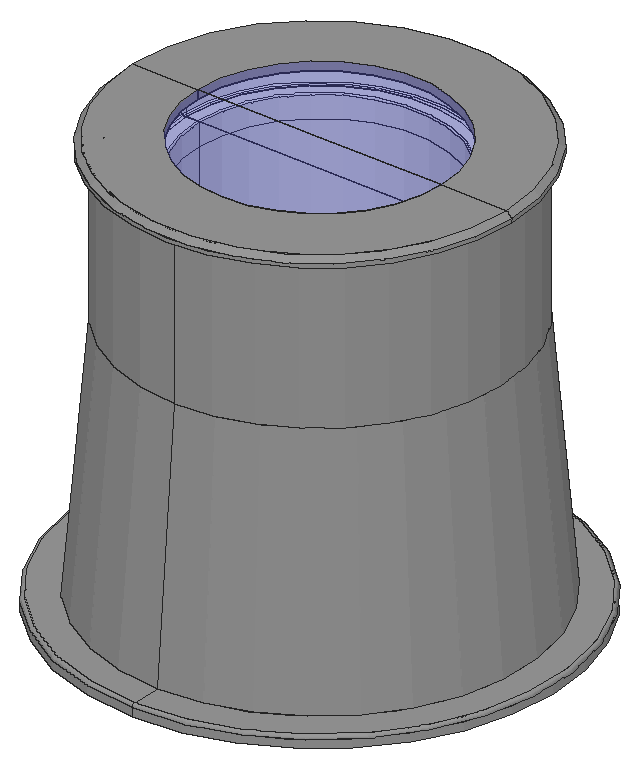
Revit family "84301_BEGA_Revit", category Lighting Fixtures, host Face, Revit 2018
Family settings
  Host = Face
  Round Connector Dimension = Use Diameter
  Part Type = Normal
  Cut with Voids When Loaded = Yes
  Light Source = Yes
  Shared = No
  Room Calculation Point = No
Parameters (values of type "In-grade luminaire - Adjustable")
  Wattage = 12.0572 W
  built-in parameter 1150110 = 1 (stored number, unit not read)
  URL = "www.bega-us.com"
  built-in parameter 1114217 = 1 (stored number, unit not read)
  Tilt Angle = 180.00°
  built-in parameter 1150109 = 1 (stored number, unit not read)
  built-in parameter 1150134 = 12
  Telephone = "805.684.0533"
  built-in parameter 1150113 = 1 (stored number, unit not read)
  Photometric Web File = "84301K4_BEGA_IES.IES"
  Model = "84 293"
  Manufacturer = "BEGA-US"
  built-in parameter 1150105 = 142.52 (stored number, unit not read)
  Lumens = 1791 lm
  built-in parameter 1150115 = 1 (stored number, unit not read)
  built-in parameter 1150137 = (empty or 0)
  built-in parameter 1150139 = (empty or 0)
  built-in parameter 1150112 = 1 (stored number, unit not read)
  built-in parameter 1150114 = 1 (stored number, unit not read)
  Lamp = "16.7W LED"
  built-in parameter 1150132 = 2
  built-in parameter 1150102 = (empty or 0)
  built-in parameter 1150107 = 4000 (stored number, unit not read)
  built-in parameter 1150138 = (empty or 0)
  built-in parameter 1150106 = 1.4252 (stored number, unit not read)
  built-in parameter 1150104 = 13.8 (stored number, unit not read)
  Dimming Lamp Color Temperature Shift = <None>
  Description = "In-grade luminaire - Symmetric"
  Default Elevation = 6' - 0"
  Color Filter = 16777215
  built-in parameter 1114218 = 1 (stored number, unit not read)
  built-in parameter 1150133 = 10 (stored number, unit not read)
Reference planes (in)
  plane 1 "Center (Front/Back)": y = 0
  plane 2: z = 0
  plane 3 "Center (Left/Right)": x = 0
Dimensions and locks (in)
  aligned and locked: plane 2 to host face
  aligned and locked: level to host face
Nested families (in)
  nested 1: "84299" at (0, 0, 0), type "84301"
Connectors (in)
  electrical at (0, 0, 0)
    settings: on host face, index 1, voltage 0 V, apparent load 0 VA, apparent load phase1 0 VA, apparent load phase2 0 VA, apparent load phase3 0 VA, power factor 1, load classification "Other", number of poles 1, system type 31, power factor state 1, is connector primary yes, connector utility no, sub classification motor no, connector description ""
Definition of nested family "84299"
  Parameters (values of type "84299")
    Default Elevation = 4' - 0"
  Reference planes (in)
    plane 1 "Center (Front/Back)": y = 0
    plane 2: z = 0
    plane 3 "Center (Left/Right)": x = 0
  Forms (in)
    Extrusion 1, solid
      sketch origin (0, 0, 0) x (1, 0, 0) y (0, 1, 0)
        loop
          line (-48, 48) -> (-48, -48) -> (48, -48) -> (48, 48) -> (-48, 48)
      from 0 to -12.10635
    Revolve 2, solid
      sketch origin (0, 0, -1.24357) x (0, 1, 0) y (0, 0, 1)
        loop
          line (3.56562, 0.083) -> (3.56562, -1.91024) -> (4.03724, -7.29838) -> (4.92, -7.29838) -> (4.92, -7.13236)
          arc (4.92, -7.13236) -> (4.89998, -7.08402) -> (4.85164, -7.064) r 0.06836
          line (4.85164, -7.064) -> (4.252, -7.064) -> (3.8, -1.9) -> (3.8, 1.25) -> (3.56562, 1.25) -> (3.56562, 0.573) -> (2.8, 0.573) -> (2.8, 0.083) -> (3.56562, 0.083)
        axis (0, -7.29838) -> (0, 1.25)
      angle from 0 to 360
    Revolve 3, solid
      sketch origin (0, 0, -2.05607) x (1, 0, 0) y (0, 0, 1)
        loop
          line (0, 2.25) -> (0, 1.659) -> (2.786, 1.659) -> (2.786, 2.061) -> (2.56, 2.061) -> (2.56, 2.25) -> (0, 2.25)
        axis (0, 2.25) -> (0, 1.659)
      angle from 0 to 360
    Revolve 4, solid
      sketch origin (0, 0, -2.05607) x (1, 0, 0) y (0, 0, 1)
        loop
          line (4.035, 2.1397) -> (3.9247, 2.25) -> (2.56033, 2.25) -> (2.56033, 2.061) -> (4.035, 2.061) -> (4.035, 2.1397)
        axis (0, 2.25) -> (0, 2.061)
      angle from 0 to 360
    Revolve 5, solid
      sketch origin (0, 0, -3.45312) x (1, 0, 0) y (0, 0, 1)
        loop
          line (-2.545, 2.57719) -> (-2.545, 3.02488)
          arc (-2.545, 3.02488) -> (-2.55231, 3.04253) -> (-2.56997, 3.04984) r 0.02497
          line (-2.56997, 3.04984) -> (-2.87573, 3.04984)
          arc (-2.87573, 3.04984) -> (-2.89513, 3.05407) -> (-2.90553, 3.07098) r 0.02533
          line (-2.90553, 3.07098) -> (-2.96231, 3.45053) -> (-3.02118, 3.45053) -> (-2.96008, 3.04206)
          arc (-2.96008, 3.04206) -> (-2.94149, 2.95476) -> (-2.91234, 2.87039) r 0.72748
          arc (-2.91234, 2.87039) -> (-2.89689, 2.84981) -> (-2.87134, 2.84672) r 0.0328
          line (-2.87134, 2.84672) -> (-2.77178, 2.84672)
          arc (-2.77178, 2.84672) -> (-2.75505, 2.83979) -> (-2.74812, 2.82307) r 0.02365
          line (-2.74812, 2.82307) -> (-2.74812, 0.7275)
          arc (-2.74812, 0.7275) -> (-2.68863, 0.58387) -> (-2.545, 0.52437) r 0.20313
          line (-2.545, 0.52437) -> (0, 0.52437) -> (0, 0.7275) -> (-2.545, 0.7275) -> (-2.545, 2.57719)
        axis (0, 0.52437) -> (0, 3.45053)
      angle from 0 to 360
  Dimensions and locks (in)
    aligned and locked: plane 2 to Extrusion 1
    aligned and locked: level to Extrusion 1
  Automatic sketch dimensions
    Extrusion 1 sketch curve to Extrusion 1 sketch curve = 8' - 0"  (x2)
    Revolve 3 sketch curve to plane 3 "Center (Left/Right)" = 0' - 0"  (x2)
    level to Revolve 3 sketch curve = 0' - 0.19393"
    plane 3 "Center (Left/Right)" to Revolve 3 sketch curve = 0' - 2.56"
    Revolve 3 sketch curve to Revolve 3 sketch curve = 0' - 0.226"
    level to Revolve 3 sketch curve = 0' - 0.00493"
    Revolve 3 sketch curve to level = 0' - 0.39707"
    Revolve 3 sketch curve to Revolve 3 sketch curve = 2' - 1.659"
    Revolve 3 sketch curve to Revolve 3 sketch curve = 8' - 4.46882"
    plane 3 "Center (Left/Right)" to Revolve 4 sketch curve = 0' - 0"
    level to Revolve 4 sketch curve = 0' - 0.19393"
    plane 3 "Center (Left/Right)" to Revolve 4 sketch curve = 0' - 2.56033"
    Revolve 4 sketch curve to Revolve 4 sketch curve = 0' - 1.36437"
    level to Revolve 4 sketch curve = 0' - 0.00493"
    Revolve 4 sketch curve to Revolve 4 sketch curve = 0' - 0.1103"
    Revolve 4 sketch curve to Revolve 4 sketch curve = 0' - 0.0787"
    Revolve 4 sketch curve to level = 2' - 2.05607"
    Revolve 4 sketch curve to Revolve 4 sketch curve = 8' - 4.46882"
    Revolve 5 sketch curve to plane 3 "Center (Left/Right)" = 0' - 0"  (x2)
    Revolve 5 sketch curve to plane 3 "Center (Left/Right)" = 0' - 2.24061"
    Revolve 5 sketch curve to level = 0' - 2.72563"
    Revolve 5 sketch curve to Revolve 5 sketch curve = 0' - 0.30439"  (x2)
    Revolve 5 sketch curve to Revolve 5 sketch curve = 0' - 0.02497"
    Revolve 5 sketch curve to Revolve 5 sketch curve = 0' - 0 13/64"
    Revolve 5 sketch curve to Revolve 5 sketch curve = 0' - 0.02365"
    Revolve 5 sketch curve to Revolve 5 sketch curve = 0' - 0.09956"
    Revolve 5 sketch curve to Revolve 5 sketch curve = 0' - 0.00439"
    Revolve 5 sketch curve to Revolve 5 sketch curve = 0' - 0.00474"
    Revolve 5 sketch curve to Revolve 5 sketch curve = 0' - 0.00915"
    Revolve 5 sketch curve to Revolve 5 sketch curve = 0' - 0.02506"
    Revolve 5 sketch curve to Revolve 5 sketch curve = 0' - 0.05677"
    Revolve 5 sketch curve to Revolve 5 sketch curve = 0' - 0.05455"
    Revolve 5 sketch curve to Revolve 5 sketch curve = 0' - 0.05887"
    Revolve 5 sketch curve to Revolve 5 sketch curve = 0' - 0"
    Revolve 5 sketch curve to Revolve 5 sketch curve = 0' - 1.84969"
    Revolve 5 sketch curve to Revolve 5 sketch curve = 0' - 0.24588"
    Revolve 5 sketch curve to Revolve 5 sketch curve = 0' - 0.0315"
    Revolve 5 sketch curve to Revolve 5 sketch curve = 0' - 0.20181"
    Revolve 5 sketch curve to Revolve 5 sketch curve = 0' - 0.00779"
    Revolve 5 sketch curve to Revolve 5 sketch curve = 0' - 0.02114"
    Revolve 5 sketch curve to Revolve 5 sketch curve = 0' - 0.1248"
    Revolve 5 sketch curve to level = 2' - 3 29/64"
    Revolve 5 sketch curve to Revolve 5 sketch curve = 8' - 3.26829"
    Revolve 2 sketch curve to plane 1 "Center (Front/Back)" = 0' - 0"
    Revolve 2 sketch curve to level = 0' - 0.67057"
    Revolve 2 sketch curve to plane 1 "Center (Front/Back)" = 0' - 2.8"
    level to Revolve 2 sketch curve = 0' - 0.00643"
    Revolve 2 sketch curve to Revolve 2 sketch curve = 0' - 0 49/64"
    Revolve 2 sketch curve to Revolve 2 sketch curve = 0' - 0"
    Revolve 2 sketch curve to Revolve 2 sketch curve = 0' - 0 15/64"  (x2)
    Revolve 2 sketch curve to plane 1 "Center (Front/Back)" = 0' - 4.03724"
    Revolve 2 sketch curve to Revolve 2 sketch curve = 0' - 0.21476"
    Revolve 2 sketch curve to Revolve 2 sketch curve = 0' - 0.59964"
    Revolve 2 sketch curve to Revolve 2 sketch curve = 0' - 0.06836"
    Revolve 2 sketch curve to Revolve 2 sketch curve = 0' - 0.49"
    Revolve 2 sketch curve to Revolve 2 sketch curve = 0' - 1.983"
    Revolve 2 sketch curve to Revolve 2 sketch curve = 0' - 0.01024"
    Revolve 2 sketch curve to Revolve 2 sketch curve = 0' - 5.164"
    Revolve 2 sketch curve to Revolve 2 sketch curve = 1' - 4.70162"
    level to Revolve 2 sketch curve = 7' - 7.03229"
